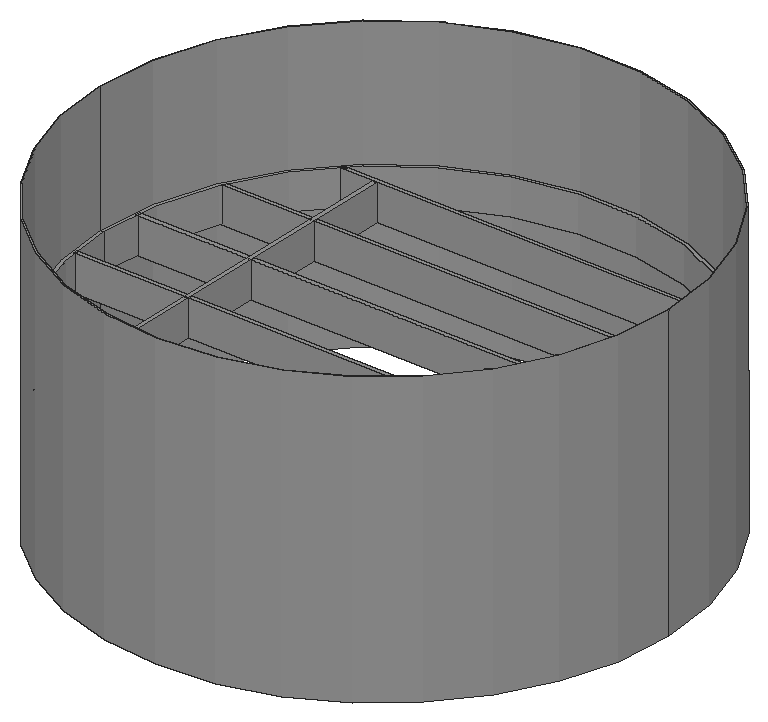
Revit family "DuctAccessories_FireDamper_Kilargo_IFDO-SS", category Duct Accessories, Revit 2014
Parameters (values of type "IFDO-350SS HC")
  ZoneServed = ""
  WarrantyStartDate = ""
  WarrantyDurationMonths = 0
  URL = "http://www.kilargo.com.au/"
  Type Comments = "Halar Coating"
  SystemServed = ""
  StandardsCompliance = ""
  Radius = 350 mm
  QuanitySurveyorElementID = ""
  ProductCode = ""
  PrecommissioningInspectionTestPlan = ""
  OmniClassElementNumber = "23.60.70.11.11"  # constant formula
  OmniClassElementName = "Fire Dampers"  # constant formula
  ModifiedIssue_ANZRS = 20150115.74  # constant formula
  Manufacturer = "kilargo"  # constant formula
  Location = ""
  Installer = ""
  InstallationDate = ""
  InspectionPanelInstalled = yes
  FactoryWitnessTest = ""
  FactoryCertificationTest = ""
  ExpectedServiceLifeYears = 0
  SpigotLength [instance] = 360 mm
  Diameter = Radius * 2  # 700 mm
  DesignClass = ""
  DepthMin = 44 mm  # constant formula
  DepthMax = 44 mm  # constant formula
  Depth = 44 mm
  DamperMaterial = Kilargo_Halar Coating
  CreatedByURL_ANZRS = "www.thinkbimmepaus.com.au"
  CreatedBy = "A2K Technologies"  # constant formula
  CommissioningTechnician = ""
  CommissioningInspectionTestReport = ""
  CommissioningDate = ""
  Certification = ""
  BladeThicknessMultiplier [instance] = 5
  Barcode = ""
  AssetIdentifier = ""
  AirFlowMin = 0.0 L/s
  AirFlowMax = 0.0 L/s
Types (15, lengths in mm): name | Type Comments | Radius | Diameter | DamperMaterial
  (no name) | "Halar Coating" | 350 | 700 | Kilargo_Halar Coating
  IFDO-100SS | "Stainless Steel" | 100 | 200 | Kilargo_Galvanized_StainlessSteel
  IFDO-125SS | "Stainless Steel" | 125 | 250 | Kilargo_Galvanized_StainlessSteel
  IFDO-150SS | "Stainless Steel" | 150 | 300 | Kilargo_Galvanized_StainlessSteel
  IFDO-200SS | "Stainless Steel" | 200 | 400 | Kilargo_Galvanized_StainlessSteel
  IFDO-250SS | "Stainless Steel" | 250 | 500 | Kilargo_Galvanized_StainlessSteel
  IFDO-300SS | "Stainless Steel" | 300 | 600 | Kilargo_Galvanized_StainlessSteel
  IFDO-350SS | "Stainless Steel" | 350 | 700 | Kilargo_Galvanized_StainlessSteel
  IFDO-100SS HC | "Halar Coating" | 100 | 200 | Kilargo_Halar Coating
  IFDO-125SS HC | "Halar Coating" | 125 | 250 | Kilargo_Halar Coating
  IFDO-150SS HC | "Halar Coating" | 150 | 300 | Kilargo_Halar Coating
  IFDO-200SS HC | "Halar Coating" | 200 | 400 | Kilargo_Halar Coating
  IFDO-250SS HC | "Halar Coating" | 250 | 500 | Kilargo_Halar Coating
  IFDO-300SS HC | "Halar Coating" | 300 | 600 | Kilargo_Halar Coating
  IFDO-350SS HC | "Halar Coating" | 350 | 700 | Kilargo_Halar Coating
Reference planes
  plane 1 "Center (Front/Back)": y = 0
  plane 2: z = 0
  plane 3 "Center (Left/Right)": x = 0
  plane 4: z = 180
  plane 5: z = -180
Forms (mm)
  Revolve 1, solid, material "Kilargo_Halar Coating" <- "DamperMaterial"
    sketch origin (0, 0, -197.568) x (1, 0, 0) y (0, 0, 1)
      loop
        line (350, 377.568) -> (350, 17.568) -> (351, 17.568) -> (351, 377.568) -> (350, 377.568)
      axis (0, 377.568) -> (0, 17.568)
    angle from 0 to 360
Dimensions and locks
  "SpigotLength": plane 4 to plane 5
  equal spacing: plane 4, level, plane 5
  locked: Revolve 1 sketch curve to Revolve 1 sketch curve at 1
  "Radius": Revolve 1 sketch curve to plane 3 "Center (Left/Right)"
  aligned and locked: level to plane 2
  aligned and locked: Revolve 1 to plane 5
  aligned and locked: Revolve 1 to plane 4
Automatic sketch dimensions
  Revolve 1 sketch curve to plane 3 "Center (Left/Right)" = 0 mm
  Revolve 1 sketch curve to plane 5 = 0 mm
  Revolve 1 sketch curve to plane 4 = 0 mm
  Revolve 1 sketch curve to plane 5 = 106.366 mm
  Revolve 1 sketch curve to level = 83.953 mm
Nested families
  nested 1: "Family1" at (0, 0, 0), Diameter <- "Diameter", Depth <- "Depth", type "IFDO-100R"
    with Diameter 700 mm, Depth 44 mm, Bladethickness 5 mm, BladeDistance 107.692 mm, BladeArrangement 147.368 mm
Connectors
  hvac at (0, 0, 22), driven by "Diameter"
    settings: on nested 1, index 1, duct flow 0.0 L/s, flow factor 0, pres drop 0.0 Pa, loss coef 0, conn angle 0.00°, conn width 304.8 mm, conn height 304.8 mm, conn diameter 700 mm, duct sys type 4, conn prof type 0, flow config 0, flow direction 0, loss method 0, conn ref index 2, conn util no, is conn primary yes, conn desc ""
  hvac at (0, 0, -22), driven by "Diameter"
    settings: on nested 1, index 2, duct flow 0.0 L/s, flow factor 0, pres drop 0.0 Pa, loss coef 0, conn angle 0.00°, conn width 304.8 mm, conn height 304.8 mm, conn diameter 700 mm, duct sys type 4, conn prof type 0, flow config 0, flow direction 0, loss method 0, conn ref index 1, conn util no, is conn primary no, conn desc ""
Definition of nested family "Family1"
  Parameters (values of type "IFDO-100R")
    Material = Kilargo_Galvanized_StainlessSteel
    Diameter [instance] = 650 mm
    Depth [instance] = 44 mm
    Bladethickness [instance] = if(Diameter < 100 mm, 5 mm, if(Diameter < 200 mm, 2.5 mm, 5 mm))  # 5 mm
    BladeDistance [instance] = Diameter / 6.5  # 100 mm
    BladeArrangement [instance] = Diameter / 4.75  # 136.842 mm
  Reference planes
    plane 1 "Center (Front/Back)": y = 0
    plane 2: z = 0
    plane 3 "Center (Left/Right)": x = 0
    plane 4: z = 22
    plane 5: z = -22
    plane 6: x = -325
    plane 7: x = 325
    plane 8: y = 325
    plane 9: y = -325
    plane 10: y = 225
    plane 11: y = 135
    plane 12: y = 45
    plane 13: y = -45
    plane 14: y = -135
    plane 15: y = -225
    plane 16: x = -188.158
    plane 17: x = 188.158
    plane 18: x = 0
  Forms (mm)
    Revolve 1, solid, material "Kilargo_Galvanized_StainlessSteel" <- "Material"
      sketch origin (0, 0, 0) x (1, 0, 0) y (0, 0, 1)
        loop
          line (-320, 22) -> (-325, 22) -> (-325, -22) -> (-320, -22) -> (-320, 22)
        axis (0, -22) -> (0, 22)
      angle from 0 to 360
    Extrusion 2, solid, material "Kilargo_Galvanized_StainlessSteel" <- "Material"
      sketch origin (0, 0, 0) x (1, 0, 0) y (0, 1, 0)
        loop
          arc (-225.042, 227.5) -> (-227.528, 225.014) -> (-229.986, 222.5) r 320
          line (-229.986, 222.5) -> (229.986, 222.5)
          arc (229.986, 222.5) -> (227.528, 225.014) -> (225.042, 227.5) r 320
          line (225.042, 227.5) -> (-225.042, 227.5)
        loop
          arc (-288.953, 137.5) -> (-290.127, 135.005) -> (-291.28, 132.5) r 320
          line (-291.28, 132.5) -> (291.28, 132.5)
          arc (291.28, 132.5) -> (290.127, 135.005) -> (288.953, 137.5) r 320
          line (288.953, 137.5) -> (-288.953, 137.5)
        loop
          arc (-316.455, 47.5) -> (-316.82, 45.001) -> (-317.165, 42.5) r 320
          line (-317.165, 42.5) -> (317.165, 42.5)
          arc (317.165, 42.5) -> (316.82, 45.001) -> (316.455, 47.5) r 320
          line (316.455, 47.5) -> (-316.455, 47.5)
        loop
          arc (-317.165, -42.5) -> (-316.82, -45.001) -> (-316.455, -47.5) r 320
          line (-316.455, -47.5) -> (316.455, -47.5)
          arc (316.455, -47.5) -> (316.82, -45.001) -> (317.165, -42.5) r 320
          line (317.165, -42.5) -> (-317.165, -42.5)
        loop
          arc (-291.28, -132.5) -> (-290.127, -135.005) -> (-288.953, -137.5) r 320
          line (-288.953, -137.5) -> (288.953, -137.5)
          arc (288.953, -137.5) -> (290.127, -135.005) -> (291.28, -132.5) r 320
          line (291.28, -132.5) -> (-291.28, -132.5)
        loop
          arc (-229.986, -222.5) -> (-227.528, -225.014) -> (-225.042, -227.5) r 320
          line (-225.042, -227.5) -> (225.042, -227.5)
          arc (225.042, -227.5) -> (227.528, -225.014) -> (229.986, -222.5) r 320
          line (229.986, -222.5) -> (-229.986, -222.5)
      from -22 to 22
    Extrusion 3, solid, material "Kilargo_Galvanized_StainlessSteel" <- "Material"
      sketch origin (3.625, 0, 0) x (1, 0, 0) y (0, 1, 0)
        loop
          line (187.033, 222.5) -> (182.033, 222.5) -> (182.033, -222.5) -> (187.033, -222.5) -> (187.033, 222.5)
      from -22 to 22
    Extrusion 4, solid, material "Kilargo_Galvanized_StainlessSteel" <- "Material"
      sketch origin (-3.625, 0, 0) x (-1, 0, 0) y (0, -1, 0)
        loop
          line (187.033, -222.5) -> (187.033, 222.5) -> (182.033, 222.5) -> (182.033, -222.5) -> (187.033, -222.5)
      from -22 to 22
  Dimensions and locks
    equal spacing: plane 5, level, plane 4
    "Depth": plane 5 to plane 4
    equal spacing: plane 7, plane 3 "Center (Left/Right)", plane 6
    "Diameter": plane 7 to plane 6
    "Diameter": plane 8 to plane 9
    equal spacing: plane 8, plane 1 "Center (Front/Back)", plane 9
    equal spacing: plane 10, plane 11, plane 12, plane 13, plane 14, plane 15
    equal spacing: Extrusion 2, plane 11, Extrusion 2
    "Bladethickness": Extrusion 2 to Extrusion 2  (x6)
    "BladeDistance": plane 8 to plane 10
    "BladeDistance": plane 15 to plane 9
    equal spacing: Extrusion 2, plane 10, Extrusion 2
    equal spacing: Extrusion 2, plane 12, Extrusion 2
    equal spacing: Extrusion 2, plane 13, Extrusion 2
    equal spacing: Extrusion 2, plane 14, Extrusion 2
    equal spacing: Extrusion 2, plane 15, Extrusion 2
    equal spacing: Extrusion 3, plane 17, Extrusion 3
    "Bladethickness": Extrusion 3 to Extrusion 3
    equal spacing: Extrusion 4, plane 16, Extrusion 4
    "Bladethickness": Extrusion 4 to Extrusion 4
    "BladeArrangement": plane 17 to plane 7
    "BladeArrangement": plane 6 to plane 16
    radius of Extrusion 2 sketch curve = 320 mm
    aligned and locked: level to plane 2
    aligned and locked: Revolve 1 to plane 4
    aligned and locked: Revolve 1 to plane 5
    aligned and locked: plane 6 to Revolve 1 sketch curve
    aligned and locked: plane 4 to Revolve 1 sketch curve
    aligned and locked: Revolve 1 sketch curve to plane 5
    aligned and locked: Extrusion 2 to Revolve 1  (x2)
    aligned and locked: Extrusion 2 to Extrusion 3 sketch curve
    aligned and locked: Extrusion 3 sketch curve to Extrusion 2
    aligned and locked: Extrusion 3 to Revolve 1
    aligned and locked: Revolve 1 to Extrusion 3
    aligned and locked: Extrusion 2 sketch curve to Revolve 1  (x12)
    aligned and locked: Extrusion 4 to Extrusion 2  (x2)
    aligned and locked: Extrusion 3 to Extrusion 2
  Automatic sketch dimensions
    Revolve 1 sketch curve to plane 3 "Center (Left/Right)" = 0 mm
    plane 6 to Revolve 1 sketch curve = 5 mm
    plane 5 to Revolve 1 sketch curve = 338.835 mm
    Revolve 1 sketch curve to plane 4 = 1576.845 mm
    Extrusion 2 sketch curve to plane 15 = 2.5 mm
    plane 10 to Extrusion 2 sketch curve = 2.5 mm
    plane 15 to Extrusion 2 sketch curve = 2.5 mm
    Extrusion 2 sketch curve to plane 10 = 2.5 mm
    plane 11 to Extrusion 2 sketch curve = 2.5 mm
    Extrusion 2 sketch curve to plane 14 = 2.5 mm
    plane 14 to Extrusion 2 sketch curve = 2.5 mm
    Extrusion 2 sketch curve to plane 11 = 2.5 mm
    plane 12 to Extrusion 2 sketch curve = 2.5 mm
    Extrusion 2 sketch curve to plane 13 = 2.5 mm
    Extrusion 2 sketch curve to plane 12 = 2.5 mm
    plane 13 to Extrusion 2 sketch curve = 2.5 mm
    Extrusion 3 sketch curve to plane 17 = 2.5 mm
    plane 17 to Extrusion 3 sketch curve = 2.5 mm
    Extrusion 4 sketch curve to plane 16 = 2.5 mm
    plane 16 to Extrusion 4 sketch curve = 2.5 mm
    Extrusion 4 sketch curve to plane 15 = 2.5 mm
    plane 10 to Extrusion 4 sketch curve = 2.5 mm
